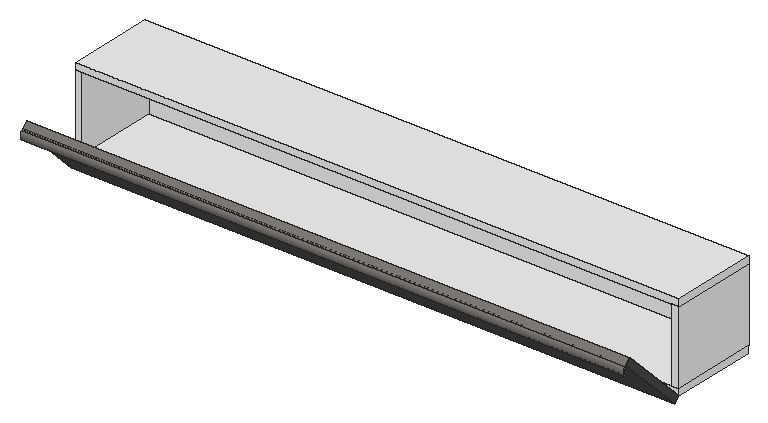
Revit family "BESTA BURS wall shelf", category Furniture, Revit 2012
Parameters (values of type "BESTA Burs wall  shelf 180x26 High Gloss Black")
  width = 1800 mm
  height = 260 mm
  depth = 260 mm
  Model = "601.339.31"
  Manufacturer = "IKEA"
  IKEA body = IKEA White
  IKEA Handle = IKEA Aluminium
  IKEA Door = IKEA High Gloss Black
  DoorOpen [instance] = 45.00°
  Cost = 101.11
Types (4, lengths in mm): name | Model | IKEA Door | DoorOpen
  BESTA Burs wall  shelf 180x26 High Gloss White | "701.037.59" | IKEA High Gloss White | 0.00°
  BESTA Burs wall  shelf 180x26 High Gloss Red | "701.037.59" | IKEA High Gloss Red | 0.00°
  BESTA Burs wall  shelf 180x26 High Gloss Black | "601.339.31" | IKEA High Gloss Black | 45.00°
  BESTA Burs wall  shelf 180x26 High Gloss Grey | "301.783.94" | IKEA High Gloss Grey | 45.00°
Reference planes
  plane 1 "Center (Front/Back)": y = 0
  plane 2: z = 0
  plane 3 "Center (Left/Right)": x = 0
  plane 4 "LEFTEND": x = -900
  plane 5: x = 900
  plane 6: y = -260
  plane 7: z = 260
Forms (mm)
  Extrusion 1, solid, material "IKEA White" <- "IKEA body"
    sketch origin (0, 0, 0) x (1, 0, 0) y (0, 1, 0)
      loop
        line (-900, 0) -> (-900, -260) -> (900, -260) -> (900, 0) -> (-900, 0)
    from 0 to 20
  Extrusion 2, solid, material "IKEA White" <- "IKEA body"
    sketch origin (0, 0, 240) x (1, 0, 0) y (0, 1, 0)
      loop
        line (-900, 0) -> (-900, -260) -> (900, -260) -> (900, 0) -> (-900, 0)
    from 0 to 20
  Extrusion 3, solid, material "IKEA White" <- "IKEA body"
    sketch origin (0, 0, 0) x (1, 0, 0) y (0, 0, 1)
      loop
        line (-900, 20) -> (-880, 20) -> (-880, 240) -> (-900, 240) -> (-900, 20)
    from 0 to 260
  Extrusion 4, solid, material "IKEA White" <- "IKEA body"
    sketch origin (1780, 0, 0) x (1, 0, 0) y (0, 0, 1)
      loop
        line (-900, 20) -> (-880, 20) -> (-880, 240) -> (-900, 240) -> (-900, 20)
    from 0 to 260
  Extrusion 5, solid, material "IKEA White" <- "IKEA body"
    sketch origin (0, 0, 0) x (1, 0, 0) y (0, 0, 1)
      loop
        line (-880, 240) -> (-880, 20) -> (880, 20) -> (880, 240) -> (-880, 240)
    from 5 to 10
Lines and regions (mm)
  reference lines
    curve 1: line (-900, -260, 0) -> (-900, -443.848, 183.848)
Dimensions and locks
  equal spacing: plane 4 "LEFTEND", plane 3 "Center (Left/Right)", plane 5
  "width": plane 4 "LEFTEND" to plane 5
  "depth": plane 6 to plane 1 "Center (Front/Back)"
  "height": plane 7 to plane 2
  "DoorOpen": angle curve 1 to plane 6
  aligned and locked: level to plane 2
  aligned and locked: plane 7 to Extrusion 2
  aligned and locked: Extrusion 3 to plane 4 "LEFTEND"
  aligned and locked: plane 5 to Extrusion 4
  aligned and locked: Extrusion 5 sketch curve to Extrusion 3  (x2)
  aligned and locked: Extrusion 5 sketch curve to Extrusion 4  (x2)
  aligned and locked: plane 6 to curve 1
  aligned and locked: plane 2 to curve 1
Automatic sketch dimensions
  Extrusion 1 sketch curve to plane 4 "LEFTEND" = 0 mm
  Extrusion 1 sketch curve to plane 5 = 0 mm
  Extrusion 1 sketch curve to plane 6 = 0 mm
  plane 1 "Center (Front/Back)" to Extrusion 1 sketch curve = 0 mm
  Extrusion 2 sketch curve to plane 4 "LEFTEND" = 0 mm
  Extrusion 2 sketch curve to plane 5 = 0 mm
  Extrusion 2 sketch curve to plane 6 = 0 mm
  plane 1 "Center (Front/Back)" to Extrusion 2 sketch curve = 0 mm
  Extrusion 3 sketch curve to plane 4 "LEFTEND" = 0 mm
  Extrusion 3 sketch curve to Extrusion 3 sketch curve = 20 mm
  level to Extrusion 3 sketch curve = 20 mm
  Extrusion 3 sketch curve to plane 7 = 20 mm
  Extrusion 4 sketch curve to plane 5 = 0 mm
  Extrusion 4 sketch curve to Extrusion 4 sketch curve = 20 mm
  level to Extrusion 4 sketch curve = 20 mm
  Extrusion 4 sketch curve to plane 7 = 20 mm
Nested families
  nested 1: "Family4" at (-900, -443.848, 183.848) x (0, -0.7071, -0.7071) z (1, 0, 0), type "BURSdoor"
Definition of nested family "Family4"
  Parameters (values of type "BURSdoor")
    width = 1800 mm
    height = 260 mm
    IKEAhandle = none
    IKEAdoor = none
    Default Elevation = 0 mm
  Reference planes
    plane 1 "Center (Front/Back)": y = 0
    plane 2: z = 0
    plane 3 "Center (Left/Right)": x = 0
  Forms (mm)
    Extrusion 1, solid
      sketch origin (0, 0, 0) x (1, 0, 0) y (0, 1, 0)
        loop
          line (-1219.2, 1219.2) -> (-1219.2, -1219.2) -> (1219.2, -1219.2) -> (1219.2, 1219.2) -> (-1219.2, 1219.2)
      from 0 to -304.8
    Extrusion 2, solid, material <- "IKEAdoor"
      sketch origin (0, 0, 0) x (1, 0, 0) y (0, 1, 0)
        loop
          line (0, 2) -> (20, 2) -> (20, 260) -> (0, 260) -> (0, 2)
      from 0 to 1800
    Extrusion 3, solid, material <- "IKEAhandle"
      sketch origin (0, 260, 0) x (1, 0, 0) y (0, 1, 0)
        loop
          line (0, -258) -> (0, -260) -> (25, -260)
          arc (25, -260) -> (38.182, -253.283) -> (40.497, -238.671) r 16.294
          line (40.497, -238.671) -> (38.595, -239.289)
          arc (38.595, -239.289) -> (36.564, -252.108) -> (25, -258) r 14.294
          line (25, -258) -> (0, -258)
      from 0 to 1800
  Dimensions and locks
    "width": Extrusion 2 to Extrusion 1
    aligned and locked: plane 2 to Extrusion 1
    aligned and locked: level to Extrusion 1
  Automatic sketch dimensions
    Extrusion 1 sketch curve to Extrusion 1 sketch curve = 2438.4 mm  (x2)
    Extrusion 2 sketch curve to plane 3 "Center (Left/Right)" = 0 mm
    Extrusion 2 sketch curve to plane 1 "Center (Front/Back)" = 2 mm
    plane 3 "Center (Left/Right)" to Extrusion 2 sketch curve = 20 mm
    Extrusion 2 sketch curve to plane 1 "Center (Front/Back)" = 260 mm
    Extrusion 3 sketch curve to Extrusion 3 sketch curve = 0 mm  (x2)
    Extrusion 3 sketch curve to plane 1 "Center (Front/Back)" = 2 mm
    Extrusion 3 sketch curve to plane 3 "Center (Left/Right)" = 0 mm
    Extrusion 3 sketch curve to Extrusion 3 sketch curve = 25 mm
    Extrusion 3 sketch curve to Extrusion 3 sketch curve = 13.595 mm
    Extrusion 3 sketch curve to Extrusion 3 sketch curve = 1.902 mm
    Extrusion 3 sketch curve to Extrusion 3 sketch curve = 2 mm
    Extrusion 3 sketch curve to plane 1 "Center (Front/Back)" = 16.294 mm
